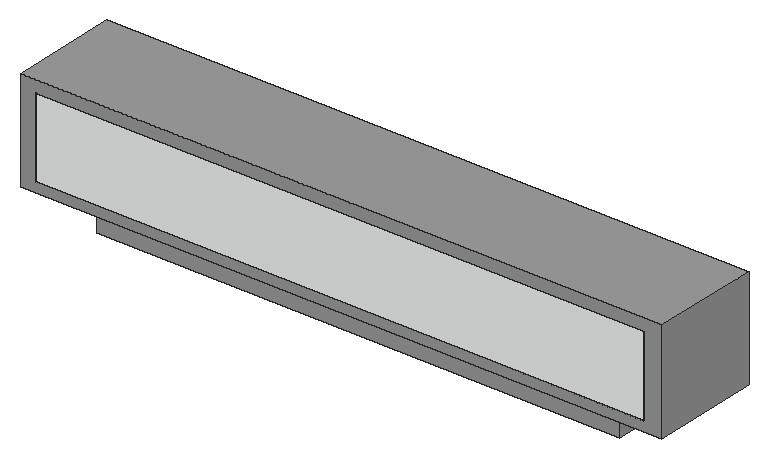
Revit family "44417_HOST_FACE", category Lighting Fixtures, host Face, Revit 2019
Family settings
  Host = Face
  Round Connector Dimension = Use Diameter
  Part Type = Normal
  Cut with Voids When Loaded = Yes
  Light Source = Yes
  Shared = No
  Room Calculation Point = No
Parameters (values of type "Wall Luminaires - Directed Light")
  Wattage = 4.23449 W
  built-in parameter 1150110 = 1 (stored number, unit not read)
  URL = "www.bega-us.com"
  built-in parameter 1114217 = 1 (stored number, unit not read)
  Tilt Angle = 90.00°
  built-in parameter 1150109 = 1 (stored number, unit not read)
  built-in parameter 1150134 = (empty or 0)
  Telephone = "805.684.0533"
  built-in parameter 1150113 = 1 (stored number, unit not read)
  Photometric Web File = "44417.ies"
  Model = "2260LED"
  Manufacturer = "BEGA-US"
  built-in parameter 1150105 = 50.054 (stored number, unit not read)
  Lumens = 629 lm
  built-in parameter 1150115 = 1 (stored number, unit not read)
  built-in parameter 1150137 = (empty or 0)
  built-in parameter 1150139 = (empty or 0)
  built-in parameter 1150112 = 1 (stored number, unit not read)
  built-in parameter 1150114 = 1 (stored number, unit not read)
  Lamp = "17.6W LED"
  built-in parameter 1150132 = 2
  built-in parameter 1150102 = (empty or 0)
  built-in parameter 1150107 = 3000 (stored number, unit not read)
  built-in parameter 1150138 = (empty or 0)
  built-in parameter 1150106 = 0.50054 (stored number, unit not read)
  built-in parameter 1150104 = 13.8 (stored number, unit not read)
  Dimming Lamp Color Temperature Shift = <None>
  Description = "Surface wall with cutoff optics"
  Default Elevation = 6' - 0"
  Color Filter = 16777215
  built-in parameter 1114218 = 1 (stored number, unit not read)
  built-in parameter 1150133 = 10 (stored number, unit not read)
Types (27): name | Wattage | Tilt Angle | built-in parameter 1150134 | Photometric Web File | Model | built-in parameter 1150105 | Lumens | Lamp | built-in parameter 1150107 | built-in parameter 1150106 | Description | Default Elevation
  (no name) | 4.23449 W | 90.00° | (empty or 0) | "44417.ies" | "2260LED" | 50.054 (stored number, unit not read) | 629 lm | "17.6W LED" | 3000 (stored number, unit not read) | 0.50054 (stored number, unit not read) | "Surface wall with cutoff optics" | 6' - 0"
  Wall Luminaires - Directed Light | 4.23449 W | 90.00° | (empty or 0) | "44417.ies" | "2260LED" | 50.054 (stored number, unit not read) | 629 lm | "17.6W LED" | 3000 (stored number, unit not read) | 0.50054 (stored number, unit not read) | "Surface wall with cutoff optics" | 6' - 0"
  Wall Luminaires - Linear | 9.92985 W | 90.00° | 9 | "generic" | "4425P" | 117.38 (stored number, unit not read) | 1475 lm | "(1) 39W CF twin-4-p" | 3450 (stored number, unit not read) | 1.1738 (stored number, unit not read) | "Suface wall - linear with white acrylic diffuser" | 6' - 0"
  Ceiling and Wall Luminaires - Unshielded | 2.66591 W | 0.00° | (empty or 0) | "33508.ies" | "33 508" | 31.513 (stored number, unit not read) | 396 lm | "W LED" | 3000 (stored number, unit not read) | 0.31513 (stored number, unit not read) | "LED ceiling and wall luminaires - impact resistant" | 0' - 0"
  Recessed Luminaires - Round | 2.66591 W | 0.00° | (empty or 0) | "33508.ies" | "33 508" | 31.513 (stored number, unit not read) | 396 lm | "W LED" | 3000 (stored number, unit not read) | 0.31513 (stored number, unit not read) | "LED ceiling and wall luminaires - impact resistant" | 0' - 0"
  Recessed Luminaires - Square | 0.0067321 W | 0.00° | (empty or 0) | "88754.IES" | 0' - 0" | 0.079577 (stored number, unit not read) | 1 lm | "W LED" | 3000 (stored number, unit not read) | 0.00079577 (stored number, unit not read) | 0' - 0" | 0' - 0"
  Recessed Luminaires - Retangular | 2.66591 W | 0.00° | (empty or 0) | "33508.ies" | "33 508" | 31.513 (stored number, unit not read) | 396 lm | "W LED" | 3000 (stored number, unit not read) | 0.31513 (stored number, unit not read) | "LED ceiling and wall luminaires - impact resistant" | 0' - 0"
  Recessed Luminaires - Elongated | 2.66591 W | 0.00° | (empty or 0) | "33508.ies" | "33 508" | 31.513 (stored number, unit not read) | 396 lm | "W LED" | 3000 (stored number, unit not read) | 0.31513 (stored number, unit not read) | "LED ceiling and wall luminaires - impact resistant" | 0' - 0"
  Recessed Ceiling Luminaires - Downlights | 2.66591 W | 0.00° | (empty or 0) | "33508.ies" | "33 508" | 31.513 (stored number, unit not read) | 396 lm | "W LED" | 3000 (stored number, unit not read) | 0.31513 (stored number, unit not read) | "LED ceiling and wall luminaires - impact resistant" | 0' - 0"
  Recessed Ceiling Luminaires - Asymmetric | 2.66591 W | 0.00° | (empty or 0) | "33508.ies" | "33 508" | 31.513 (stored number, unit not read) | 396 lm | "W LED" | 3000 (stored number, unit not read) | 0.31513 (stored number, unit not read) | "LED ceiling and wall luminaires - impact resistant" | 0' - 0"
  Pendant and Cable Suspended Luminaires - Shielded | 2.66591 W | 0.00° | (empty or 0) | "33508.ies" | "33 508" | 31.513 (stored number, unit not read) | 396 lm | "W LED" | 3000 (stored number, unit not read) | 0.31513 (stored number, unit not read) | "LED ceiling and wall luminaires - impact resistant" | 0' - 0"
  Pendant and Cable Suspended Luminaires - Directed | 2.66591 W | 0.00° | (empty or 0) | "33508.ies" | "33 508" | 31.513 (stored number, unit not read) | 396 lm | "W LED" | 3000 (stored number, unit not read) | 0.31513 (stored number, unit not read) | "LED ceiling and wall luminaires - impact resistant" | 0' - 0"
  Ceiling Luminaires - Downlights | 2.66591 W | 0.00° | (empty or 0) | "33508.ies" | "33 508" | 31.513 (stored number, unit not read) | 396 lm | "W LED" | 3000 (stored number, unit not read) | 0.31513 (stored number, unit not read) | "LED ceiling and wall luminaires - impact resistant" | 0' - 0"
  Ceiling Luminaires - Asymmetric | 2.66591 W | 0.00° | (empty or 0) | "33508.ies" | "33 508" | 31.513 (stored number, unit not read) | 396 lm | "W LED" | 3000 (stored number, unit not read) | 0.31513 (stored number, unit not read) | "LED ceiling and wall luminaires - impact resistant" | 0' - 0"
  Ceiling and Wall Luminaires - Stainless Steel | 2.66591 W | 0.00° | (empty or 0) | "33508.ies" | "33 508" | 31.513 (stored number, unit not read) | 396 lm | "W LED" | 3000 (stored number, unit not read) | 0.31513 (stored number, unit not read) | "LED ceiling and wall luminaires - impact resistant" | 0' - 0"
  Wall Luminaires - Stainless Steel | 2.66591 W | 0.00° | (empty or 0) | "33508.ies" | "33 508" | 31.513 (stored number, unit not read) | 396 lm | "W LED" | 3000 (stored number, unit not read) | 0.31513 (stored number, unit not read) | "LED ceiling and wall luminaires - impact resistant" | 0' - 0"
  Wall Luminaires - Unshielded Light | 2.66591 W | 0.00° | (empty or 0) | "33508.ies" | "33 508" | 31.513 (stored number, unit not read) | 396 lm | "W LED" | 3000 (stored number, unit not read) | 0.31513 (stored number, unit not read) | "LED ceiling and wall luminaires - impact resistant" | 0' - 0"
  Wall Luminaires - Shielded Light | 2.66591 W | 0.00° | (empty or 0) | "33508.ies" | "33 508" | 31.513 (stored number, unit not read) | 396 lm | "W LED" | 3000 (stored number, unit not read) | 0.31513 (stored number, unit not read) | "LED ceiling and wall luminaires - impact resistant" | 0' - 0"
  On-Ground Luminaires | 2.66591 W | 0.00° | (empty or 0) | "33508.ies" | "33 508" | 31.513 (stored number, unit not read) | 396 lm | "W LED" | 3000 (stored number, unit not read) | 0.31513 (stored number, unit not read) | "LED ceiling and wall luminaires - impact resistant" | 0' - 0"
  Light Design Elements | 2.66591 W | 0.00° | (empty or 0) | "33508.ies" | "33 508" | 31.513 (stored number, unit not read) | 396 lm | "W LED" | 3000 (stored number, unit not read) | 0.31513 (stored number, unit not read) | "LED ceiling and wall luminaires - impact resistant" | 0' - 0"
  LED System Bollard | 2.66591 W | 0.00° | (empty or 0) | "33508.ies" | "33 508" | 31.513 (stored number, unit not read) | 396 lm | "W LED" | 3000 (stored number, unit not read) | 0.31513 (stored number, unit not read) | "LED ceiling and wall luminaires - impact resistant" | 0' - 0"
  Bollards | 2.66591 W | 0.00° | (empty or 0) | "33508.ies" | "33 508" | 31.513 (stored number, unit not read) | 396 lm | "W LED" | 3000 (stored number, unit not read) | 0.31513 (stored number, unit not read) | "LED ceiling and wall luminaires - impact resistant" | 0' - 0"
  Bollards - Stainless Steel | 2.66591 W | 0.00° | (empty or 0) | "33508.ies" | "33 508" | 31.513 (stored number, unit not read) | 396 lm | "W LED" | 3000 (stored number, unit not read) | 0.31513 (stored number, unit not read) | "LED ceiling and wall luminaires - impact resistant" | 0' - 0"
  Light Building Elements | 2.66591 W | 0.00° | (empty or 0) | "33508.ies" | "33 508" | 31.513 (stored number, unit not read) | 396 lm | "W LED" | 3000 (stored number, unit not read) | 0.31513 (stored number, unit not read) | "LED ceiling and wall luminaires - impact resistant" | 0' - 0"
  Pole-top Luminaires - with asymmetrical light distribution | 2.66591 W | 0.00° | (empty or 0) | "33508.ies" | "33 508" | 31.513 (stored number, unit not read) | 396 lm | "W LED" | 3000 (stored number, unit not read) | 0.31513 (stored number, unit not read) | "LED ceiling and wall luminaires - impact resistant" | 0' - 0"
  Pole-top Luminaires - with symmetrical light distribution | 2.66591 W | 0.00° | (empty or 0) | "33508.ies" | "33 508" | 31.513 (stored number, unit not read) | 396 lm | "W LED" | 3000 (stored number, unit not read) | 0.31513 (stored number, unit not read) | "LED ceiling and wall luminaires - impact resistant" | 0' - 0"
  Pole-top Luminaires - with indirect light | 2.66591 W | 0.00° | (empty or 0) | "88754.IES" | "33 508" | 31.513 (stored number, unit not read) | 396 lm | "W LED" | 3000 (stored number, unit not read) | 0.31513 (stored number, unit not read) | "LED ceiling and wall luminaires - impact resistant" | 0' - 0"
Reference planes (in)
  plane 1 "Center (Front/Back)": y = 0
  plane 2: z = 0
  plane 3 "Center (Left/Right)": x = 0
Dimensions and locks (in)
  aligned and locked: plane 2 to host face
  aligned and locked: level to host face
Nested families (in)
  nested 1: "44417" at (0, 0, 0) x (0, -1, 0) z (0, 0, 1), type "44417"
Connectors (in)
  electrical at (0, 0, 0)
    settings: on host face, index 1, voltage 0 V, apparent load 0 VA, apparent load phase1 0 VA, apparent load phase2 0 VA, apparent load phase3 0 VA, power factor 1, load classification "Other", number of poles 1, system type 31, power factor state 1, is connector primary yes, connector utility no, sub classification motor no, connector description ""
Definition of nested family "44417"
  Reference planes (in)
    plane 1 "Center (Front/Back)": y = 0
    plane 2: z = 0
    plane 3 "Center (Left/Right)": x = 0
  Forms (in)
    Extrusion 1, solid
      sketch origin (0, 0, 0) x (1, 0, 0) y (0, 1, 0)
        loop
          line (-1.25, 0) -> (-1.25, -9.9375) -> (1.25, -9.9375) -> (1.25, 9.9375) -> (-1.25, 9.9375) -> (-1.25, 0)
      from 0 to 1.125
    Extrusion 2, solid
      sketch origin (0, 0, 0) x (1, 0, 0) y (0, 1, 0)
        loop
          line (-2.0625, 0) -> (-2.0625, -12.1875) -> (2.0625, -12.1875) -> (2.0625, 12.1875) -> (-2.0625, 12.1875) -> (-2.0625, 0)
      from 1.125 to 5
    Extrusion 3, void
      sketch origin (0, 0, 0) x (0, 1, 0) y (0, 0, 1)
        loop
          line (11.5, 4.53896) -> (-11.58882, 4.53896) -> (-11.58882, 1.5) -> (11.5, 1.5) -> (11.5, 4.53896)
      from 1.91601 to 2.0625
    Extrusion 4, solid
      sketch origin (0, 0, 0) x (0, 1, 0) y (0, 0, 1)
        loop
          line (11.5, 4.53896) -> (-11.58882, 4.53896) -> (-11.58882, 1.5) -> (11.5, 1.5) -> (11.5, 4.53896)
      from 1.91601 to 2.0625
  Cuts and joins
    Extrusion 3 cuts Extrusion 2
  Dimensions and locks (in)
    aligned and locked: plane 2 to level
